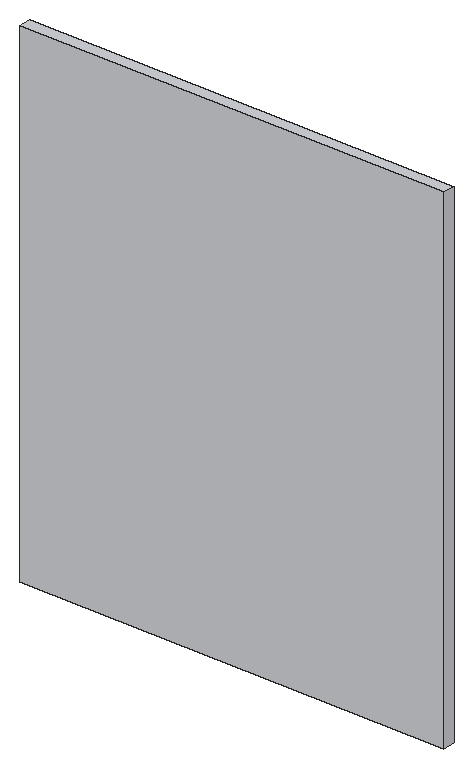
Revit family "Front - Plain", category Casework, Revit 2026
Family settings
  Work Plane-Based = No
  Always vertical = Yes
  Cut with Voids When Loaded = No
  Shared = No
  Room Calculation Point = No
Parameters (values of type "Front - Plain")
  Width = 600 mm
  Swing = yes
  Height = 704 mm
  Front Finish = none
  Depth = 16 mm
  Default Elevation = 0 mm
  Creator Organization [instance] = "© Danish Educational Content"  # constant formula
  Creator Name [instance] = "© Erik Falck Jørgensen"  # constant formula
  Creator Build [instance] = "2023.0405.0"  # constant formula
  Assembly Code = ""
Reference planes
  plane 1 "Front": y = 0
  plane 2: z = 0
  plane 3 "Center (Left/Right)": x = 0
  plane 4: x = -300
  plane 5: x = 300
  plane 6: z = 704
Forms (mm)
  Extrusion 1, solid, material <- "Front Finish"
    sketch origin (0, 0, 0) x (1, 0, 0) y (0, 0, 1)
      loop
        line (-297, 701) -> (-297, 3) -> (297, 3) -> (297, 701) -> (-297, 701)
    from 0 to 16 <- "Depth"
Lines and regions (mm)
  reference lines
    curve 1: line (-300, 0, 0) -> (392.82, -400, 0)
  symbolic lines, style "Elevation Swing", visible <- "Swing"
    curve 2: line (-300, 0, 0) -> (219.615, -300, 0)
    curve 3: arc (300, 0, 0) -> (279.555, -155.291, 0) -> (219.615, -300, 0) r 600
Dimensions and locks
  equal spacing: plane 4, plane 3 "Center (Left/Right)", plane 5
  "Width": plane 4 to plane 5
  "Height": plane 6 to plane 2
  locked: Extrusion 1 sketch curve to plane 2 at 3
  locked: plane 6 to Extrusion 1 sketch curve at 3
  locked: Extrusion 1 sketch curve to plane 4 at 3
  locked: plane 5 to Extrusion 1 sketch curve at 3
  locked: curve 1 to plane 1 "Front" (angle 30.00°)
  aligned and locked: level to plane 2
  aligned and locked: curve 2 to curve 1
Automatic sketch dimensions
  plane 1 "Front" to curve 1 = 0 mm
  curve 1 to plane 4 = 0 mm
  plane 1 "Front" to curve 3 = 0 mm
  curve 3 to plane 4 = 0 mm
  plane 1 "Front" to curve 2 = 0 mm
  curve 3 to plane 5 = 0 mm
